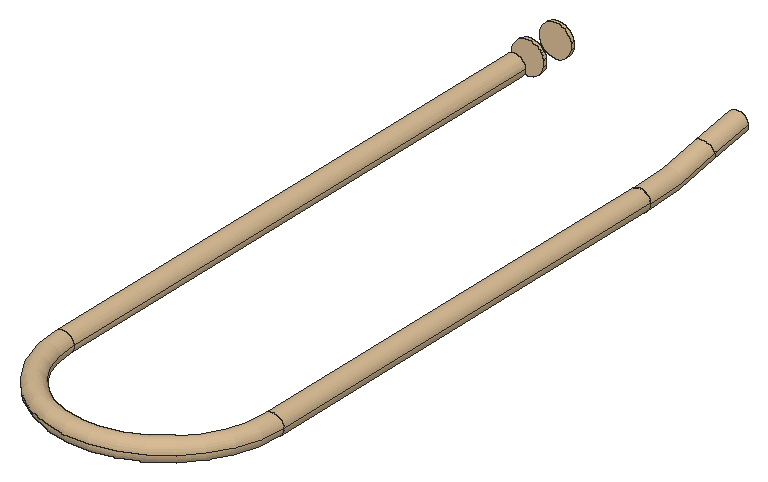
Revit family "Deca_Ducha higiênica com registro e derivação_Wish_1984.WSH.ACT", category Plumbing Fixtures, host Face, Revit 2020
Family settings
  Host = Face
  Round Connector Dimension = Use Radius
  Part Type = Normal
  Cut with Voids When Loaded = No
  Shared = No
  Room Calculation Point = No
Parameters (values of type "1984.GL.WSH.ACT.RD_Red Gold")
  Vazão na Pressão mín. (L/min) = "4"
  Vazão na Pressão máx. (L/min) = "6"
  URL = "www.deca.com.br"
  Tipo de rosca de saída = ""
  Tipo de rosca de entrada = "BSP NBR 8133"
  Tipo de mecanismo utilizado = "MVC -1/4 volta"
  Tipo de dispositivo economizador = "Sim"
  Segmento = "Banheiro Luxo (D43)"
  Saída de Esgoto = ""
  Raio Água Fria Saída = 0.0075 m  # constant formula
  Raio Água Fria = 0.0075 m  # constant formula
  Pressão mín. funcionamento = "2"
  Pressão mín. Aquec. Passagem = ""
  Pressão mín. Aquec. Acúmulo = ""
  Pressão máx. funcionamento = "40"
  Peso Líquido (Kg) = 0.95
  Norma = "NBR14877"
  Model = "1984.GL.WSH.ACT.RD"
  Material Secundário = Deca_Branco
  Material = Deca_Red Gold
  Manufacturer = "DECA"
  Linha = "Deca Wish"
  Itens de Instalação = ""
  Informações Complementares = ""
  Default Elevation = 0.70 m
  Diâmetro Água Fria Saída = 2 * Raio Água Fria Saída  # 0.015 m
  Diâmetro Água Fria = 2 * Raio Água Fria  # 0.015 m
  Código Pai = "1984.WSH.ACT"
  Criado por = "quattroD"
  Cores Componente = ""
  Cor Secundária = "Branco"
  Cor Principal = "Red Gold"
  Cor Interna = ""
  Consumo = "Otimização do jato de água"
  Composição Componente = ""
  Composição Básica = "Liga cobre (bronze e latão);Aço;Plástico de Engenharia;Elastômeros"
  Composição Assento = ""
  Composição Anel Vedação = ""
  Categoria = "Metais para banheiro"
  Atendimento ao Cliente = "0800-0117073"
  Aprovado por = "quattroD"
  Acompanha o Produto = ""
Reference planes (m)
  plane 1 "Center (Front/Back)": y = 0
  plane 2: z = 0
  plane 3 "Center (Left/Right)": x = 0
Forms (m)
  Sweep 1, solid, material "Deca_Red Gold" <- "Material"
    path origin (0, -0.693563, 0.03314) x (0, -1, 0) y (1, 0, 0)
      loop
        line (-0.659743, 0.000001) -> (-0.121412, 0.000001)
        arc (-0.121412, 0.000001) -> (-0.021233, 0.10018) -> (-0.121412, 0.20036) r 0.100179
        line (-0.121412, 0.20036) -> (-0.558206, 0.20036)
    profile origin (0.000001, -0.302985, 0.03314) x (1, 0, 0) y (0, 0, 1)
      loop
        circle (0, 0) r 0.01
  Sweep 2, solid, material "Deca_Red Gold" <- "Material"
    path origin (0.200576, 0.091519, 1.220212) x (0, 1, 0) y (0, 0, 1)
      loop
        arc (-0.227488, -1.187053) -> (-0.188227, -1.185436) -> (-0.149614, -1.178156) r 0.270887
        arc (-0.149614, -1.178156) -> (-0.129905, -1.173846) -> (-0.109895, -1.171272) r 0.231112
    profile origin (0.200576, -0.096708, 0.034776) x (0, -0.113513, 0.993536) y (1, 0, 0)
      loop
        spline (-0.000077, -0.010216) -> (0.002481, -0.009876) -> (0.004864, -0.008877) -> (0.00691, -0.007287) -> (0.008481, -0.005216) -> (0.009468, -0.002805) -> (0.009804, -0.000216) -> (0.009468, 0.002372) -> (0.008481, 0.004784) -> (0.00691, 0.006855) -> (0.004864, 0.008444) -> (0.002481, 0.009443) -> (-0.000077, 0.009784)
        spline (-0.000077, 0.009784) -> (-0.002634, 0.009443) -> (-0.005017, 0.008444) -> (-0.007064, 0.006855) -> (-0.008634, 0.004784) -> (-0.009621, 0.002372) -> (-0.009958, -0.000216) -> (-0.009621, -0.002805) -> (-0.008634, -0.005216) -> (-0.007064, -0.007287) -> (-0.005017, -0.008877) -> (-0.002634, -0.009876) -> (-0.000077, -0.010216)
  Extrusion 3, solid, material "Deca_Red Gold" <- "Material"
    sketch origin (0, -0.015, 0.028953) x (0, 0, 1) y (-1, 0, 0)
      loop
        arc (0.001154, 0.015) -> (-0.011341, 0) -> (0.001154, -0.015) r 0.015251
        line (0.001154, -0.015) -> (0.006666, -0.015)
        arc (0.006666, -0.015) -> (0.019161, 0) -> (0.006666, 0.015) r 0.015251
        line (0.006666, 0.015) -> (0.001154, 0.015)
    from 0 to 0.002991
  Extrusion 4, solid, material "Deca_Red Gold" <- "Material"
    sketch origin (0, 0.017991, 0.028953) x (0, 0, 1) y (-1, 0, 0)
      loop
        arc (0.001154, 0.015) -> (-0.011341, 0) -> (0.001154, -0.015) r 0.015251
        line (0.001154, -0.015) -> (0.006666, -0.015)
        arc (0.006666, -0.015) -> (0.019161, 0) -> (0.006666, 0.015) r 0.015251
        line (0.006666, 0.015) -> (0.001154, 0.015)
    from 0 to 0.002991
Lines and regions (m)
  Masking region 1
    outline origin (-1.329756, -0.915695, 0.027128) x (0, -1, 0) y (1, 0, 0)
      loop
        line (-0.866852, 1.322756) -> (-0.346268, 1.322756)
        arc (-0.346268, 1.322756) -> (-0.239282, 1.429742) -> (-0.346268, 1.536728) r 0.106986
        line (-0.346268, 1.536728) -> (-0.89859, 1.53673) -> (-0.89859, 1.546735) -> (-0.921226, 1.546735)
        arc (-0.921226, 1.546735) -> (-0.921808, 1.546548) -> (-0.922173, 1.546057) r 0.001
        arc (-0.922173, 1.546057) -> (-0.922781, 1.544144) -> (-0.923312, 1.542208) r 0.050752
        arc (-0.923312, 1.542208) -> (-0.92368, 1.542795) -> (-0.92422, 1.543229) r 0.002071
        line (-0.92422, 1.543229) -> (-0.958041, 1.541582) -> (-0.986034, 1.538272)
        arc (-0.986034, 1.538272) -> (-0.98829, 1.54047) -> (-0.991041, 1.542003) r 0.011964
        arc (-0.991041, 1.542003) -> (-0.992856, 1.54253) -> (-0.994738, 1.542707) r 0.010056
        line (-0.994738, 1.542707) -> (-1.007203, 1.542707)
        arc (-1.007203, 1.542707) -> (-1.01292, 1.541124) -> (-1.017477, 1.537324) r 0.014066
        arc (-1.017477, 1.537324) -> (-1.019818, 1.52983) -> (-1.017585, 1.522302) r 0.013479
        arc (-1.017585, 1.522302) -> (-1.012638, 1.518218) -> (-1.006392, 1.516755) r 0.014066
        line (-1.006392, 1.516755) -> (-0.994467, 1.516755)
        arc (-0.994467, 1.516755) -> (-0.992724, 1.516955) -> (-0.991041, 1.517455) r 0.010056
        arc (-0.991041, 1.517455) -> (-0.98829, 1.518989) -> (-0.986034, 1.521186) r 0.011964
        line (-0.986034, 1.521186) -> (-0.958041, 1.517877) -> (-0.924188, 1.516228)
        arc (-0.924188, 1.516228) -> (-0.923664, 1.516661) -> (-0.923308, 1.51724) r 0.002071
        arc (-0.923308, 1.51724) -> (-0.922778, 1.515313) -> (-0.922173, 1.513408) r 0.050752
        arc (-0.922173, 1.513408) -> (-0.921808, 1.512916) -> (-0.921226, 1.512729) r 0.001
        line (-0.921226, 1.512729) -> (-0.89859, 1.512729) -> (-0.89859, 1.522728) -> (-0.346268, 1.522728)
        arc (-0.346268, 1.522728) -> (-0.253293, 1.429753) -> (-0.346268, 1.336778) r 0.092975
        line (-0.346268, 1.336778) -> (-0.866884, 1.336778) -> (-0.867595, 1.337276) -> (-0.883595, 1.337276) -> (-0.883595, 1.340723)
        arc (-0.883595, 1.340723) -> (-0.88415, 1.341268) -> (-0.884784, 1.34172) r 0.004985
        line (-0.884784, 1.34172) -> (-0.890695, 1.34172) -> (-0.890695, 1.354756) -> (-0.908967, 1.354756) -> (-0.908739, 1.359106)
        arc (-0.908739, 1.359106) -> (-0.908947, 1.359771) -> (-0.909539, 1.360139) r 0.001
        arc (-0.909539, 1.360139) -> (-0.915695, 1.360756) -> (-0.92185, 1.360139) r 0.031
        arc (-0.92185, 1.360139) -> (-0.922437, 1.359777) -> (-0.922651, 1.359122) r 0.001
        line (-0.922651, 1.359122) -> (-0.922422, 1.354756) -> (-0.940695, 1.354756) -> (-0.940695, 1.341506) -> (-0.942595, 1.341506) -> (-0.943545, 1.342456) -> (-0.947613, 1.342456) -> (-0.948595, 1.340756) -> (-0.948595, 1.318756) -> (-0.947613, 1.317056) -> (-0.943545, 1.317056) -> (-0.942595, 1.318006) -> (-0.940695, 1.318006) -> (-0.940695, 1.304756) -> (-0.922422, 1.304756) -> (-0.922651, 1.30039)
        arc (-0.922651, 1.30039) -> (-0.922437, 1.299734) -> (-0.92185, 1.299373) r 0.001
        arc (-0.92185, 1.299373) -> (-0.915695, 1.298756) -> (-0.909539, 1.299373) r 0.031
        arc (-0.909539, 1.299373) -> (-0.908947, 1.299741) -> (-0.908739, 1.300405) r 0.001
        line (-0.908739, 1.300405) -> (-0.908967, 1.304756) -> (-0.890695, 1.304756) -> (-0.890695, 1.317791) -> (-0.884766, 1.317791)
        arc (-0.884766, 1.317791) -> (-0.884147, 1.318251) -> (-0.883595, 1.318789) r 0.005787
        line (-0.883595, 1.318789) -> (-0.883595, 1.322236) -> (-0.867595, 1.322236) -> (-0.866852, 1.322756)
  Masking region 2
    outline origin (0, -0.909781, -0.254928) x (0, 1, 0) y (0, 0, 1)
      loop
        line (0.845614, 0.295066) -> (0.306942, 0.295055)
        arc (0.306942, 0.295055) -> (0.272044, 0.293942) -> (0.237201, 0.291678) r 1.05744
        arc (0.237201, 0.291678) -> (0.228679, 0.279227) -> (0.241797, 0.271772) r 0.010251
        arc (0.241797, 0.271772) -> (0.284796, 0.278085) -> (0.328154, 0.281066) r 0.563579
        line (0.328154, 0.281066) -> (0.845614, 0.281066) -> (0.877681, 0.280181) -> (0.877681, 0.276819) -> (0.878852, 0.275844) -> (0.886562, 0.275844) -> (0.888523, 0.277461) -> (0.889781, 0.277461) -> (0.889781, 0.275286) -> (0.891781, 0.275286)
        arc (0.891781, 0.275286) -> (0.893902, 0.274407) -> (0.894781, 0.272286) r 0.003
        line (0.894781, 0.272286) -> (0.894781, 0.265928) -> (0.884973, 0.265928) -> (0.884781, 0.254928) -> (0.934781, 0.254928) -> (0.934589, 0.265928) -> (0.924781, 0.265928) -> (0.924781, 0.272293)
        arc (0.924781, 0.272293) -> (0.925663, 0.27441) -> (0.927781, 0.275286) r 0.003
        line (0.927781, 0.275286) -> (0.929781, 0.275286) -> (0.929781, 0.277461) -> (0.933181, 0.277461) -> (0.933181, 0.275886) -> (0.942681, 0.275886) -> (0.942681, 0.278607) -> (0.949099, 0.280022) -> (0.972458, 0.287003) -> (0.983409, 0.263655) -> (0.985093, 0.262869) -> (0.983983, 0.262349) -> (0.984408, 0.261443) -> (0.986358, 0.25867)
        arc (0.986358, 0.25867) -> (0.986807, 0.258358) -> (0.987352, 0.258406) r 0.0008
        line (0.987352, 0.258406) -> (1.008399, 0.268278)
        arc (1.008399, 0.268278) -> (1.008785, 0.268666) -> (1.008832, 0.269211) r 0.0008
        line (1.008832, 0.269211) -> (1.007947, 0.272484) -> (1.007522, 0.273389) -> (1.006476, 0.272898) -> (1.006949, 0.274695) -> (0.999884, 0.289758)
        arc (0.999884, 0.289758) -> (0.99987, 0.290235) -> (1.000168, 0.29061) r 0.000697
        line (1.000168, 0.29061) -> (1.00268, 0.291786)
        arc (1.00268, 0.291786) -> (1.002938, 0.292068) -> (1.002921, 0.292451) r 0.0005
        line (1.002921, 0.292451) -> (0.999529, 0.299696)
        arc (0.999529, 0.299696) -> (0.999168, 0.299979) -> (0.99871, 0.299946) r 0.000639
        line (0.99871, 0.299946) -> (0.996181, 0.298762)
        arc (0.996181, 0.298762) -> (0.993019, 0.306249) -> (0.988406, 0.312939) r 0.0399
        arc (0.988406, 0.312939) -> (0.987646, 0.313578) -> (0.986718, 0.313934) r 0.003
        arc (0.986718, 0.313934) -> (0.963381, 0.317944) -> (0.939848, 0.320567) r 0.4
        line (0.939848, 0.320567) -> (0.939198, 0.318342)
        arc (0.939198, 0.318342) -> (0.939327, 0.317188) -> (0.940241, 0.316472) r 0.0015
        arc (0.940241, 0.316472) -> (0.951819, 0.31312) -> (0.963282, 0.309423) r 0.4
        arc (0.963282, 0.309423) -> (0.967701, 0.307521) -> (0.971763, 0.304944) r 0.03032
        line (0.971763, 0.304944) -> (0.944982, 0.303372) -> (0.925817, 0.301018)
        arc (0.925817, 0.301018) -> (0.92505, 0.302043) -> (0.924781, 0.303294) r 0.003
        line (0.924781, 0.303294) -> (0.924781, 0.328786) -> (0.916031, 0.328786) -> (0.916031, 0.339415) -> (0.940781, 0.339415) -> (0.940781, 0.349415) -> (0.878781, 0.349415) -> (0.878781, 0.339415) -> (0.903531, 0.339415) -> (0.903531, 0.328786) -> (0.894781, 0.328786) -> (0.894781, 0.303286)
        arc (0.894781, 0.303286) -> (0.893902, 0.301164) -> (0.891781, 0.300286) r 0.003
        line (0.891781, 0.300286) -> (0.889781, 0.300286) -> (0.889781, 0.298111) -> (0.888179, 0.298111) -> (0.886562, 0.299727) -> (0.878852, 0.299727) -> (0.877681, 0.298753) -> (0.877681, 0.295719) -> (0.845614, 0.295066)
  Masking region 3
    outline origin (-0.539528, 0, -0.155627) x (1, 0, 0) y (0, 0, 1)
      loop
        line (0.570528, 0.249863) -> (0.508528, 0.249863) -> (0.508528, 0.240463) -> (0.532278, 0.240418)
        arc (0.532278, 0.240418) -> (0.532985, 0.240125) -> (0.533278, 0.239418) r 0.001
        line (0.533278, 0.239418) -> (0.533278, 0.229485) -> (0.524528, 0.229485) -> (0.524528, 0.166627) -> (0.51472, 0.166627) -> (0.514528, 0.155627) -> (0.564528, 0.155627) -> (0.564336, 0.166627) -> (0.554527, 0.166627) -> (0.554527, 0.171581)
        arc (0.554527, 0.171581) -> (0.636286, 0.170623) -> (0.718049, 0.1702) r 12.515524
        line (0.718049, 0.1702) -> (0.718049, 0.155627) -> (0.752049, 0.155627) -> (0.752049, 0.191512)
        arc (0.752049, 0.191512) -> (0.751006, 0.197217) -> (0.748009, 0.202182) r 0.016108
        arc (0.748009, 0.202182) -> (0.74783, 0.203821) -> (0.746822, 0.205125) r 0.003039
        arc (0.746822, 0.205125) -> (0.746483, 0.205369) -> (0.746138, 0.205603) r 0.01453
        arc (0.746138, 0.205603) -> (0.744786, 0.208015) -> (0.743049, 0.210165) r 0.016432
        line (0.743049, 0.210165) -> (0.743049, 0.222483) -> (0.743049, 0.227043)
        arc (0.743049, 0.227043) -> (0.742269, 0.229339) -> (0.740049, 0.230315) r 0.003011
        line (0.740049, 0.230315) -> (0.730049, 0.230315)
        arc (0.730049, 0.230315) -> (0.728014, 0.229523) -> (0.727049, 0.227565) r 0.003011
        line (0.727049, 0.227565) -> (0.727049, 0.210165)
        arc (0.727049, 0.210165) -> (0.725313, 0.208015) -> (0.723961, 0.205603) r 0.016432
        arc (0.723961, 0.205603) -> (0.723615, 0.205369) -> (0.723276, 0.205125) r 0.01453
        arc (0.723276, 0.205125) -> (0.722272, 0.203831) -> (0.722086, 0.202203) r 0.003039
        arc (0.722086, 0.202203) -> (0.719092, 0.197226) -> (0.718049, 0.191512) r 0.016176
        line (0.718049, 0.191512) -> (0.718049, 0.190201)
        arc (0.718049, 0.190201) -> (0.63629, 0.191103) -> (0.554527, 0.191581) r 15.755697
        line (0.554527, 0.191581) -> (0.554527, 0.229485) -> (0.545778, 0.229485) -> (0.545778, 0.239418)
        arc (0.545778, 0.239418) -> (0.54607, 0.240125) -> (0.546778, 0.240418) r 0.001
        line (0.546778, 0.240418) -> (0.570528, 0.240463) -> (0.570528, 0.249863)
  symbolic lines
    curve 1: line (0.213473, 0.008525, 0.027128) -> (0.211826, 0.042346, 0.027128)
    curve 2: line (0.188121, 0.042346, 0.027128) -> (0.186472, 0.008493, 0.027128)
    curve 3: line (0.191974, 0.074931, 0.027128) -> (0.188121, 0.042346, 0.027128)
    curve 4: line (0.211826, 0.042346, 0.027128) -> (0.207974, 0.074931, 0.027128)
    curve 5: line (0.207974, 0.072233, 0.027128) -> (0.207974, 0.038158, 0.027128)
    curve 6: line (0.207974, 0.038158, 0.027128) -> (0.207896, 0.036387, 0.027128)
    curve 7: line (0.207896, 0.036387, 0.027128) -> (0.207797, 0.03551, 0.027128)
    curve 8: line (0.207797, 0.03551, 0.027128) -> (0.207654, 0.034638, 0.027128)
    curve 9: line (0.191974, 0.037137, 0.027128) -> (0.191974, 0.072233, 0.027128)
    curve 10: line (0.194974, 0.072759, 0.027128) -> (0.194974, 0.03484, 0.027128)
    curve 11: line (0.204974, 0.034841, 0.027128) -> (0.204974, 0.072759, 0.027128)
    curve 12: line (0.193029, 0.078182, 0.027128) -> (0.192682, 0.077213, 0.027128)
    curve 13: line (0.192682, 0.077213, 0.027128) -> (0.19241, 0.076218, 0.027128)
    curve 14: line (0.19241, 0.076218, 0.027128) -> (0.192208, 0.075207, 0.027128)
    curve 15: line (0.192208, 0.075207, 0.027128) -> (0.19203, 0.073725, 0.027128)
    curve 16: line (0.191974, 0.073725, 0.027128) -> (0.191974, 0.084107, 0.027128)
    curve 17: line (0.207974, 0.084107, 0.027128) -> (0.207974, 0.072233, 0.027128)
    curve 18: line (0.207974, 0.072233, 0.027128) -> (0.207974, 0.036972, 0.027128)
    curve 19: line (0.207974, 0.038158, 0.027128) -> (0.207896, 0.036387, 0.027128)
    curve 20: line (0.207896, 0.036387, 0.027128) -> (0.207797, 0.03551, 0.027128)
    curve 21: line (0.207797, 0.03551, 0.027128) -> (0.207654, 0.034638, 0.027128)
    curve 22: arc (0.207974, 0.084107, 0.027128) -> (0.205459, 0.089396, 0.027128) -> (0.199974, 0.091445, 0.027128) r 0.007801
    curve 23: arc (0.191974, 0.084107, 0.027128) -> (0.194488, 0.089396, 0.027128) -> (0.199974, 0.091445, 0.027128) r 0.007801
    curve 24: line (0.199974, 0.091445, 0.027128) -> (0.199974, 0.081982, 0.027128)
    curve 25: arc (0.199974, 0.08367, 0.027128) -> (0.198344, 0.083471, 0.027128) -> (0.196833, 0.082828, 0.027128) r 0.005871
    curve 26: arc (0.196833, 0.082828, 0.027128) -> (0.19453, 0.080834, 0.027128) -> (0.193029, 0.078182, 0.027128) r 0.008943
    curve 27: arc (0.199974, 0.08367, 0.027128) -> (0.201603, 0.083471, 0.027128) -> (0.203114, 0.082828, 0.027128) r 0.005871
    curve 28: arc (0.203114, 0.082828, 0.027128) -> (0.205417, 0.080834, 0.027128) -> (0.206918, 0.078182, 0.027128) r 0.008943
    curve 29: line (0.206918, 0.078182, 0.027128) -> (0.207265, 0.077213, 0.027128)
    curve 30: line (0.207265, 0.077213, 0.027128) -> (0.207537, 0.076218, 0.027128)
    curve 31: line (0.207537, 0.076218, 0.027128) -> (0.207739, 0.075207, 0.027128)
    curve 32: line (0.207739, 0.075207, 0.027128) -> (0.207917, 0.073725, 0.027128)
    curve 33: arc (0.199974, 0.081982, 0.027128) -> (0.198524, 0.081636, 0.027128) -> (0.197327, 0.080748, 0.027128) r 0.003706
    curve 34: arc (0.197327, 0.080748, 0.027128) -> (0.196142, 0.079017, 0.027128) -> (0.195439, 0.077041, 0.027128) r 0.008141
    curve 35: arc (0.195439, 0.077041, 0.027128) -> (0.19509, 0.074913, 0.027128) -> (0.194974, 0.072759, 0.027128) r 0.01994
    curve 36: arc (0.199974, 0.081982, 0.027128) -> (0.201423, 0.081636, 0.027128) -> (0.20262, 0.080748, 0.027128) r 0.003706
    curve 37: arc (0.20262, 0.080748, 0.027128) -> (0.203805, 0.079017, 0.027128) -> (0.204508, 0.077041, 0.027128) r 0.008141
    curve 38: arc (0.204508, 0.077041, 0.027128) -> (0.204857, 0.074913, 0.027128) -> (0.204974, 0.072759, 0.027128) r 0.01994
    curve 39: arc (0.194974, 0.072759, 0.027128) -> (0.193445, 0.072661, 0.027128) -> (0.191974, 0.072233, 0.027128) r 0.006996
    curve 40: arc (0.204974, 0.072759, 0.027128) -> (0.206502, 0.072661, 0.027128) -> (0.207974, 0.072233, 0.027128) r 0.006996
    curve 41: arc (0.195774, 0.090352, 0.027128) -> (0.192313, 0.088733, 0.027128) -> (0.189515, 0.08613, 0.027128) r 0.01231
    curve 42: arc (0.189515, 0.08613, 0.027128) -> (0.187923, 0.083435, 0.027128) -> (0.18709, 0.080418, 0.027128) r 0.011879
    curve 43: arc (0.18709, 0.080418, 0.027128) -> (0.187068, 0.077843, 0.027128) -> (0.1877, 0.075347, 0.027128) r 0.010056
    curve 44: arc (0.1877, 0.075347, 0.027128) -> (0.189233, 0.072595, 0.027128) -> (0.191431, 0.07034, 0.027128) r 0.011964
    curve 45: arc (0.204173, 0.090352, 0.027128) -> (0.207634, 0.088733, 0.027128) -> (0.210432, 0.08613, 0.027128) r 0.01231
    curve 46: arc (0.210432, 0.08613, 0.027128) -> (0.212024, 0.083435, 0.027128) -> (0.212857, 0.080418, 0.027128) r 0.011879
    curve 47: arc (0.212857, 0.080418, 0.027128) -> (0.212879, 0.077843, 0.027128) -> (0.212247, 0.075347, 0.027128) r 0.010056
    curve 48: arc (0.212247, 0.075347, 0.027128) -> (0.210714, 0.072595, 0.027128) -> (0.208516, 0.07034, 0.027128) r 0.011964
    curve 49: arc (0.199974, 0.102149, 0.027128) -> (0.195658, 0.101427, 0.027128) -> (0.191742, 0.099474, 0.027128) r 0.014792
    curve 50: arc (0.191742, 0.099474, 0.027128) -> (0.188327, 0.095647, 0.027128) -> (0.186978, 0.090698, 0.027128) r 0.011191
    curve 51: arc (0.199974, 0.102149, 0.027128) -> (0.204289, 0.101427, 0.027128) -> (0.208205, 0.099474, 0.027128) r 0.014792
    curve 52: arc (0.208205, 0.099474, 0.027128) -> (0.211536, 0.095798, 0.027128) -> (0.212951, 0.091043, 0.027128) r 0.011191
    curve 53: arc (0.192973, -0.00285, 0.027128) -> (0.199977, -0.003272, 0.027128) -> (0.20698, -0.002849, 0.027128) r 0.05825
    curve 54: arc (0.192973, -0.004534, 0.027128) -> (0.199976, -0.004972, 0.027128) -> (0.20698, -0.004534, 0.027128) r 0.056151
    curve 55: line (0.192973, 0.004655, 0.027128) -> (0.192973, -0.017105, 0.027128)
    curve 56: line (0.192973, -0.017105, 0.027128) -> (0.182974, -0.017105, 0.027128)
    curve 57: line (0.182974, -0.017105, 0.027128) -> (0.182974, 0.005531, 0.027128)
    curve 58: arc (0.192973, 0.004655, 0.027128) -> (0.19273, 0.00531, 0.027128) -> (0.192118, 0.005645, 0.027128) r 0.001
    curve 59: arc (0.187487, 0.007614, 0.027128) -> (0.185558, 0.007084, 0.027128) -> (0.183652, 0.006478, 0.027128) r 0.050752
    curve 60: arc (0.182974, 0.005531, 0.027128) -> (0.183161, 0.006114, 0.027128) -> (0.183652, 0.006478, 0.027128) r 0.001
    curve 61: arc (0.192118, 0.005645, 0.027128) -> (0.190193, 0.006024, 0.027128) -> (0.188315, 0.006593, 0.027128) r 0.019731
    curve 62: arc (0.188315, 0.006593, 0.027128) -> (0.187797, 0.00702, 0.027128) -> (0.187487, 0.007614, 0.027128) r 0.001681
    curve 63: line (0.20698, 0.004655, 0.027128) -> (0.20698, -0.017105, 0.027128)
    curve 64: line (0.20698, -0.017105, 0.027128) -> (0.216979, -0.017105, 0.027128)
    curve 65: line (0.216979, -0.017105, 0.027128) -> (0.216979, 0.005531, 0.027128)
    curve 66: arc (0.20698, 0.004655, 0.027128) -> (0.207223, 0.00531, 0.027128) -> (0.207835, 0.005645, 0.027128) r 0.001
    curve 67: arc (0.212466, 0.007614, 0.027128) -> (0.214395, 0.007084, 0.027128) -> (0.216301, 0.006478, 0.027128) r 0.050752
    curve 68: arc (0.216979, 0.005531, 0.027128) -> (0.216792, 0.006114, 0.027128) -> (0.216301, 0.006478, 0.027128) r 0.001
    curve 69: arc (0.207835, 0.005645, 0.027128) -> (0.20976, 0.006024, 0.027128) -> (0.211638, 0.006593, 0.027128) r 0.019731
    curve 70: arc (0.211638, 0.006593, 0.027128) -> (0.212156, 0.00702, 0.027128) -> (0.212466, 0.007614, 0.027128) r 0.001681
    curve 71: line (0.192136, 0.034443, 0.027128) -> (0.207816, 0.034443, 0.027128)
    curve 72: arc (0.192136, 0.034443, 0.027128) -> (0.192031, 0.035788, 0.027128) -> (0.191974, 0.037137, 0.027128) r 0.038017
    curve 73: arc (0.207816, 0.034443, 0.027128) -> (0.207916, 0.035706, 0.027128) -> (0.207974, 0.036972, 0.027128) r 0.038017
    curve 74: arc (0.213473, 0.008525, 0.027128) -> (0.212939, 0.007901, 0.027128) -> (0.212203, 0.007533, 0.027128) r 0.002071
    curve 75: arc (0.212203, 0.007533, 0.027128) -> (0.199963, 0.006166, 0.027128) -> (0.187724, 0.007533, 0.027128) r 0.055458
    curve 76: arc (0.186472, 0.008493, 0.027128) -> (0.187003, 0.007889, 0.027128) -> (0.187724, 0.007533, 0.027128) r 0.002071
    curve 77: arc (0.191974, 0.040785, 0.027128) -> (0.190355, 0.041082, 0.027128) -> (0.1888, 0.041616, 0.027128) r 0.011039
    curve 78: arc (0.1888, 0.041616, 0.027128) -> (0.18838, 0.0419, 0.027128) -> (0.188096, 0.04232, 0.027128) r 0.001341
    curve 79: arc (0.207974, 0.040784, 0.027128) -> (0.209594, 0.041082, 0.027128) -> (0.211152, 0.041616, 0.027128) r 0.011039
    curve 80: arc (0.211152, 0.041616, 0.027128) -> (0.211571, 0.0419, 0.027128) -> (0.211855, 0.04232, 0.027128) r 0.001341
    curve 81: arc (0.192136, 0.034443, 0.027128) -> (0.199976, 0.035111, 0.027128) -> (0.207816, 0.034443, 0.027128) r 0.046313
    curve 82: line (-0.01, -0.048405, 0.027128) -> (0.01, -0.048405, 0.027128)
    curve 83: line (-0.007, -0.0481, 0.027128) -> (-0.007, -0.569427, 0.027128)
    curve 84: line (0.007023, -0.0481, 0.027128) -> (0.007023, -0.569427, 0.027128)
    curve 85: line (-0.01, -0.055905, 0.027128) -> (0.01, -0.055905, 0.027128)
    curve 86: line (-0.01, -0.063405, 0.027128) -> (0.01, -0.063405, 0.027128)
    curve 87: line (-0.01, -0.070905, 0.027128) -> (0.01, -0.070905, 0.027128)
    curve 88: line (-0.01, -0.078405, 0.027128) -> (0.01, -0.078405, 0.027128)
    curve 89: line (-0.01, -0.085905, 0.027128) -> (0.01, -0.085905, 0.027128)
    curve 90: line (-0.01, -0.093405, 0.027128) -> (0.01, -0.093405, 0.027128)
    curve 91: line (-0.01, -0.100905, 0.027128) -> (0.01, -0.100905, 0.027128)
    curve 92: line (-0.01, -0.108405, 0.027128) -> (0.01, -0.108405, 0.027128)
    curve 93: line (-0.01, -0.115905, 0.027128) -> (0.01, -0.115905, 0.027128)
    curve 94: line (-0.01, -0.123405, 0.027128) -> (0.01, -0.123405, 0.027128)
    curve 95: line (-0.01, -0.130905, 0.027128) -> (0.01, -0.130905, 0.027128)
    curve 96: line (-0.01, -0.138405, 0.027128) -> (0.01, -0.138405, 0.027128)
    curve 97: line (-0.01, -0.145905, 0.027128) -> (0.01, -0.145905, 0.027128)
    curve 98: line (-0.01, -0.153405, 0.027128) -> (0.01, -0.153405, 0.027128)
    curve 99: line (-0.01, -0.160905, 0.027128) -> (0.01, -0.160905, 0.027128)
    curve 100: line (-0.01, -0.168405, 0.027128) -> (0.01, -0.168405, 0.027128)
    curve 101: line (-0.01, -0.175905, 0.027128) -> (0.01, -0.175905, 0.027128)
    curve 102: line (-0.01, -0.183405, 0.027128) -> (0.01, -0.183405, 0.027128)
    curve 103: line (-0.01, -0.190905, 0.027128) -> (0.01, -0.190905, 0.027128)
    curve 104: line (-0.01, -0.198405, 0.027128) -> (0.01, -0.198405, 0.027128)
    curve 105: line (-0.01, -0.205905, 0.027128) -> (0.01, -0.205905, 0.027128)
    curve 106: line (-0.01, -0.213405, 0.027128) -> (0.01, -0.213405, 0.027128)
    curve 107: line (-0.01, -0.220905, 0.027128) -> (0.01, -0.220905, 0.027128)
    curve 108: line (-0.01, -0.228405, 0.027128) -> (0.01, -0.228405, 0.027128)
    curve 109: line (-0.01, -0.235905, 0.027128) -> (0.01, -0.235905, 0.027128)
    curve 110: line (-0.01, -0.243405, 0.027128) -> (0.01, -0.243405, 0.027128)
    curve 111: line (-0.01, -0.250905, 0.027128) -> (0.01, -0.250905, 0.027128)
    curve 112: line (-0.01, -0.258405, 0.027128) -> (0.01, -0.258405, 0.027128)
    curve 113: line (-0.01, -0.265905, 0.027128) -> (0.01, -0.265905, 0.027128)
    curve 114: line (-0.01, -0.273405, 0.027128) -> (0.01, -0.273405, 0.027128)
    curve 115: line (-0.01, -0.280905, 0.027128) -> (0.01, -0.280905, 0.027128)
    curve 116: line (-0.01, -0.288405, 0.027128) -> (0.01, -0.288405, 0.027128)
    curve 117: line (-0.01, -0.295905, 0.027128) -> (0.01, -0.295905, 0.027128)
    curve 118: line (-0.01, -0.303405, 0.027128) -> (0.01, -0.303405, 0.027128)
    curve 119: line (-0.01, -0.310905, 0.027128) -> (0.01, -0.310905, 0.027128)
    curve 120: line (-0.01, -0.318405, 0.027128) -> (0.01, -0.318405, 0.027128)
    curve 121: line (-0.01, -0.325905, 0.027128) -> (0.01, -0.325905, 0.027128)
    curve 122: line (-0.01, -0.333405, 0.027128) -> (0.01, -0.333405, 0.027128)
    curve 123: line (-0.01, -0.340905, 0.027128) -> (0.01, -0.340905, 0.027128)
    curve 124: line (-0.01, -0.348405, 0.027128) -> (0.01, -0.348405, 0.027128)
    curve 125: line (-0.01, -0.355905, 0.027128) -> (0.01, -0.355905, 0.027128)
    curve 126: line (-0.01, -0.363405, 0.027128) -> (0.01, -0.363405, 0.027128)
    curve 127: line (-0.01, -0.370905, 0.027128) -> (0.01, -0.370905, 0.027128)
    curve 128: line (-0.01, -0.378405, 0.027128) -> (0.01, -0.378405, 0.027128)
    curve 129: line (-0.01, -0.385905, 0.027128) -> (0.01, -0.385905, 0.027128)
    curve 130: line (-0.01, -0.393405, 0.027128) -> (0.01, -0.393405, 0.027128)
    curve 131: line (-0.01, -0.400905, 0.027128) -> (0.01, -0.400905, 0.027128)
    curve 132: line (-0.01, -0.408405, 0.027128) -> (0.01, -0.408405, 0.027128)
    curve 133: line (-0.01, -0.415905, 0.027128) -> (0.01, -0.415905, 0.027128)
    curve 134: line (-0.01, -0.423405, 0.027128) -> (0.01, -0.423405, 0.027128)
    curve 135: line (-0.01, -0.430905, 0.027128) -> (0.01, -0.430905, 0.027128)
    curve 136: line (-0.01, -0.438405, 0.027128) -> (0.01, -0.438405, 0.027128)
    curve 137: line (-0.01, -0.445905, 0.027128) -> (0.01, -0.445905, 0.027128)
    curve 138: line (-0.01, -0.453405, 0.027128) -> (0.01, -0.453405, 0.027128)
    curve 139: line (-0.01, -0.460905, 0.027128) -> (0.01, -0.460905, 0.027128)
    curve 140: line (-0.01, -0.468405, 0.027128) -> (0.01, -0.468405, 0.027128)
    curve 141: line (-0.01, -0.475905, 0.027128) -> (0.01, -0.475905, 0.027128)
    curve 142: line (-0.01, -0.483405, 0.027128) -> (0.01, -0.483405, 0.027128)
    curve 143: line (-0.01, -0.490905, 0.027128) -> (0.01, -0.490905, 0.027128)
    curve 144: line (-0.01, -0.498405, 0.027128) -> (0.01, -0.498405, 0.027128)
    curve 145: line (-0.01, -0.505905, 0.027128) -> (0.01, -0.505905, 0.027128)
    curve 146: line (-0.01, -0.513405, 0.027128) -> (0.01, -0.513405, 0.027128)
    curve 147: line (-0.01, -0.520905, 0.027128) -> (0.01, -0.520905, 0.027128)
    curve 148: line (-0.01, -0.528405, 0.027128) -> (0.01, -0.528405, 0.027128)
    curve 149: line (-0.01, -0.535905, 0.027128) -> (0.01, -0.535905, 0.027128)
    curve 150: line (-0.01, -0.543405, 0.027128) -> (0.01, -0.543405, 0.027128)
    curve 151: line (-0.01, -0.550905, 0.027128) -> (0.01, -0.550905, 0.027128)
    curve 152: line (-0.01, -0.558405, 0.027128) -> (0.01, -0.558405, 0.027128)
    curve 153: line (-0.01, -0.565905, 0.027128) -> (0.01, -0.565905, 0.027128)
    curve 154: line (-0.01, -0.573405, 0.027128) -> (0.01, -0.573405, 0.027128)
    curve 155: line (0.189974, -0.045583, 0.027128) -> (0.209974, -0.045583, 0.027128)
    curve 156: line (0.189974, -0.053083, 0.027128) -> (0.209974, -0.053083, 0.027128)
    curve 157: line (0.189974, -0.060583, 0.027128) -> (0.209974, -0.060583, 0.027128)
    curve 158: line (0.189974, -0.068083, 0.027128) -> (0.209974, -0.068083, 0.027128)
    curve 159: line (0.189974, -0.075583, 0.027128) -> (0.209974, -0.075583, 0.027128)
    curve 160: line (0.189974, -0.083083, 0.027128) -> (0.209974, -0.083083, 0.027128)
    curve 161: line (0.189974, -0.090583, 0.027128) -> (0.209974, -0.090583, 0.027128)
    curve 162: line (0.189974, -0.098083, 0.027128) -> (0.209974, -0.098083, 0.027128)
    curve 163: line (0.189974, -0.105583, 0.027128) -> (0.209974, -0.105583, 0.027128)
    curve 164: line (0.189974, -0.113083, 0.027128) -> (0.209974, -0.113083, 0.027128)
    curve 165: line (0.189974, -0.120583, 0.027128) -> (0.209974, -0.120583, 0.027128)
    curve 166: line (0.189974, -0.128083, 0.027128) -> (0.209974, -0.128083, 0.027128)
    curve 167: line (0.189974, -0.135583, 0.027128) -> (0.209974, -0.135583, 0.027128)
    curve 168: line (0.189974, -0.143083, 0.027128) -> (0.209974, -0.143083, 0.027128)
    curve 169: line (0.189974, -0.150583, 0.027128) -> (0.209974, -0.150583, 0.027128)
    curve 170: line (0.189974, -0.158083, 0.027128) -> (0.209974, -0.158083, 0.027128)
    curve 171: line (0.189974, -0.165583, 0.027128) -> (0.209974, -0.165583, 0.027128)
    curve 172: line (0.189974, -0.173083, 0.027128) -> (0.209974, -0.173083, 0.027128)
    curve 173: line (0.189974, -0.180583, 0.027128) -> (0.209974, -0.180583, 0.027128)
    curve 174: line (0.189974, -0.188083, 0.027128) -> (0.209974, -0.188083, 0.027128)
    curve 175: line (0.189974, -0.195583, 0.027128) -> (0.209974, -0.195583, 0.027128)
    curve 176: line (0.189974, -0.203083, 0.027128) -> (0.209974, -0.203083, 0.027128)
    curve 177: line (0.189974, -0.210583, 0.027128) -> (0.209974, -0.210583, 0.027128)
    curve 178: line (0.189974, -0.218083, 0.027128) -> (0.209974, -0.218083, 0.027128)
    curve 179: line (0.189974, -0.225583, 0.027128) -> (0.209974, -0.225583, 0.027128)
    curve 180: line (0.189974, -0.233083, 0.027128) -> (0.209974, -0.233083, 0.027128)
    curve 181: line (0.189974, -0.240583, 0.027128) -> (0.209974, -0.240583, 0.027128)
    curve 182: line (0.189974, -0.248083, 0.027128) -> (0.209974, -0.248083, 0.027128)
    curve 183: line (0.189974, -0.255583, 0.027128) -> (0.209974, -0.255583, 0.027128)
    curve 184: line (0.189974, -0.263083, 0.027128) -> (0.209974, -0.263083, 0.027128)
    curve 185: line (0.189974, -0.270583, 0.027128) -> (0.209974, -0.270583, 0.027128)
    curve 186: line (0.189974, -0.278083, 0.027128) -> (0.209974, -0.278083, 0.027128)
    curve 187: line (0.189974, -0.285583, 0.027128) -> (0.209974, -0.285583, 0.027128)
    curve 188: line (0.189974, -0.293083, 0.027128) -> (0.209974, -0.293083, 0.027128)
    curve 189: line (0.189974, -0.300583, 0.027128) -> (0.209974, -0.300583, 0.027128)
    curve 190: line (0.189974, -0.308083, 0.027128) -> (0.209974, -0.308083, 0.027128)
    curve 191: line (0.189974, -0.315583, 0.027128) -> (0.209974, -0.315583, 0.027128)
    curve 192: line (0.189974, -0.323083, 0.027128) -> (0.209974, -0.323083, 0.027128)
    curve 193: line (0.189974, -0.330583, 0.027128) -> (0.209974, -0.330583, 0.027128)
    curve 194: line (0.189974, -0.338083, 0.027128) -> (0.209974, -0.338083, 0.027128)
    curve 195: line (0.189974, -0.345583, 0.027128) -> (0.209974, -0.345583, 0.027128)
    curve 196: line (0.189974, -0.353083, 0.027128) -> (0.209974, -0.353083, 0.027128)
    curve 197: line (0.189974, -0.360583, 0.027128) -> (0.209974, -0.360583, 0.027128)
    curve 198: line (0.189974, -0.368083, 0.027128) -> (0.209974, -0.368083, 0.027128)
    curve 199: line (0.189974, -0.375583, 0.027128) -> (0.209974, -0.375583, 0.027128)
    curve 200: line (0.189974, -0.383083, 0.027128) -> (0.209974, -0.383083, 0.027128)
    curve 201: line (0.189974, -0.390583, 0.027128) -> (0.209974, -0.390583, 0.027128)
    curve 202: line (0.189974, -0.398083, 0.027128) -> (0.209974, -0.398083, 0.027128)
    curve 203: line (0.189974, -0.405583, 0.027128) -> (0.209974, -0.405583, 0.027128)
    curve 204: line (0.189974, -0.413083, 0.027128) -> (0.209974, -0.413083, 0.027128)
    curve 205: line (0.189974, -0.420583, 0.027128) -> (0.209974, -0.420583, 0.027128)
    curve 206: line (0.189974, -0.428083, 0.027128) -> (0.209974, -0.428083, 0.027128)
    curve 207: line (0.189974, -0.435583, 0.027128) -> (0.209974, -0.435583, 0.027128)
    curve 208: line (0.189974, -0.443083, 0.027128) -> (0.209974, -0.443083, 0.027128)
    curve 209: line (0.189974, -0.450583, 0.027128) -> (0.209974, -0.450583, 0.027128)
    curve 210: line (0.189974, -0.458083, 0.027128) -> (0.209974, -0.458083, 0.027128)
    curve 211: line (0.189974, -0.465583, 0.027128) -> (0.209974, -0.465583, 0.027128)
    curve 212: line (0.189974, -0.473083, 0.027128) -> (0.209974, -0.473083, 0.027128)
    curve 213: line (0.189974, -0.480583, 0.027128) -> (0.209974, -0.480583, 0.027128)
    curve 214: line (0.189974, -0.488083, 0.027128) -> (0.209974, -0.488083, 0.027128)
    curve 215: line (0.189974, -0.495583, 0.027128) -> (0.209974, -0.495583, 0.027128)
    curve 216: line (0.189974, -0.503083, 0.027128) -> (0.209974, -0.503083, 0.027128)
    curve 217: line (0.189974, -0.510583, 0.027128) -> (0.209974, -0.510583, 0.027128)
    curve 218: line (0.189974, -0.518083, 0.027128) -> (0.209974, -0.518083, 0.027128)
    curve 219: line (0.189974, -0.525583, 0.027128) -> (0.209974, -0.525583, 0.027128)
    curve 220: line (0.189974, -0.533083, 0.027128) -> (0.209974, -0.533083, 0.027128)
    curve 221: line (0.189974, -0.540583, 0.027128) -> (0.209974, -0.540583, 0.027128)
    curve 222: line (0.189974, -0.548083, 0.027128) -> (0.209974, -0.548083, 0.027128)
    curve 223: line (0.189974, -0.555583, 0.027128) -> (0.209974, -0.555583, 0.027128)
    curve 224: line (0.189974, -0.563083, 0.027128) -> (0.209974, -0.563083, 0.027128)
    curve 225: line (0.189974, -0.568083, 0.027128) -> (0.209974, -0.568083, 0.027128)
    curve 226: line (0.189889, -0.573296, 0.027128) -> (0.209841, -0.574691, 0.027128)
    curve 227: line (0.189442, -0.579687, 0.027128) -> (0.209248, -0.58247, 0.027128)
    curve 228: line (0.188367, -0.586033, 0.027128) -> (0.20793, -0.590191, 0.027128)
    curve 229: line (0.187037, -0.592292, 0.027128) -> (0.206309, -0.597818, 0.027128)
    curve 230: line (0.185097, -0.598323, 0.027128) -> (0.203891, -0.605164, 0.027128)
    curve 231: line (0.182815, -0.604289, 0.027128) -> (0.200943, -0.612742, 0.027128)
    curve 232: line (0.180092, -0.610128, 0.027128) -> (0.197629, -0.619848, 0.027128)
    curve 233: line (0.177042, -0.61563, 0.027128) -> (0.193899, -0.626577, 0.027128)
    curve 234: line (0.173599, -0.620932, 0.027128) -> (0.189573, -0.632969, 0.027128)
    curve 235: line (0.169803, -0.62597, 0.027128) -> (0.184935, -0.639124, 0.027128)
    curve 236: line (0.165666, -0.630728, 0.027128) -> (0.179879, -0.64494, 0.027128)
    curve 237: line (0.161212, -0.635182, 0.027128) -> (0.174431, -0.650388, 0.027128)
    curve 238: line (0.156463, -0.639311, 0.027128) -> (0.168351, -0.655673, 0.027128)
    curve 239: line (0.151018, -0.643267, 0.027128) -> (0.162334, -0.660044, 0.027128)
    curve 240: line (0.145639, -0.646895, 0.027128) -> (0.155639, -0.664215, 0.027128)
    curve 241: line (0.14009, -0.64984, 0.027128) -> (0.148977, -0.668061, 0.027128)
    curve 242: line (0.1343, -0.652482, 0.027128) -> (0.141793, -0.671027, 0.027128)
    curve 243: line (0.12834, -0.654706, 0.027128) -> (0.13452, -0.673727, 0.027128)
    curve 244: line (0.122238, -0.656503, 0.027128) -> (0.127077, -0.675909, 0.027128)
    curve 245: line (0.116025, -0.657862, 0.027128) -> (0.119195, -0.677874, 0.027128)
    curve 246: line (0.109854, -0.658839, 0.027128) -> (0.111598, -0.678763, 0.027128)
    curve 247: line (0.103295, -0.659413, 0.027128) -> (0.104072, -0.679422, 0.027128)
    curve 248: line (0.097033, -0.65926, 0.027128) -> (0.095987, -0.679233, 0.027128)
    curve 249: line (0.09069, -0.658825, 0.027128) -> (0.088234, -0.678826, 0.027128)
    curve 250: line (0.084679, -0.658087, 0.027128) -> (0.080473, -0.677873, 0.027128)
    curve 251: line (0.078169, -0.656703, 0.027128) -> (0.072926, -0.676269, 0.027128)
    curve 252: line (0.072062, -0.654848, 0.027128) -> (0.065551, -0.673758, 0.027128)
    curve 253: line (0.066098, -0.652794, 0.027128) -> (0.057933, -0.671135, 0.027128)
    curve 254: line (0.060438, -0.650274, 0.027128) -> (0.05099, -0.668044, 0.027128)
    curve 255: line (0.054722, -0.647235, 0.027128) -> (0.044209, -0.66406, 0.027128)
    curve 256: line (0.049303, -0.643614, 0.027128) -> (0.037496, -0.659866, 0.027128)
    curve 257: line (0.044291, -0.639972, 0.027128) -> (0.031347, -0.655399, 0.027128)
    curve 258: line (0.039247, -0.63574, 0.027128) -> (0.024953, -0.650033, 0.027128)
    curve 259: line (0.034784, -0.631227, 0.027128) -> (0.019921, -0.644609, 0.027128)
    curve 260: line (0.030564, -0.626445, 0.027128) -> (0.01495, -0.639089, 0.027128)
    curve 261: line (0.02669, -0.621376, 0.027128) -> (0.009821, -0.632755, 0.027128)
    curve 262: line (0.023194, -0.616193, 0.027128) -> (0.005809, -0.625952, 0.027128)
    curve 263: line (0.019992, -0.610488, 0.027128) -> (0.002175, -0.619477, 0.027128)
    curve 264: line (0.017335, -0.604702, 0.027128) -> (-0.001566, -0.612062, 0.027128)
    curve 265: line (0.015059, -0.598856, 0.027128) -> (-0.004067, -0.604704, 0.027128)
    curve 266: line (0.01304, -0.592253, 0.027128) -> (-0.006291, -0.597432, 0.027128)
    curve 267: line (0.011684, -0.586421, 0.027128) -> (-0.008013, -0.589894, 0.027128)
    curve 268: line (0.01058, -0.580159, 0.027128) -> (-0.00936, -0.582255, 0.027128)
    curve 269: arc (0.007023, -0.569427, 0.027128) -> (0.099997, -0.662402, 0.027128) -> (0.192972, -0.569427, 0.027128) r 0.092975
    curve 270: arc (-0.007, -0.569427, 0.027128) -> (0.099986, -0.676413, 0.027128) -> (0.206972, -0.569427, 0.027128) r 0.106986
    curve 271: line (0.192972, -0.569427, 0.027128) -> (0.192972, -0.017109, 0.027128)
    curve 272: line (0.206974, -0.569427, 0.027128) -> (0.206974, -0.017109, 0.027128)
    curve 273: line (0.189974, -0.038083, 0.027128) -> (0.209974, -0.038083, 0.027128)
    curve 274: line (0.189974, -0.030583, 0.027128) -> (0.209974, -0.030583, 0.027128)
    curve 275: line (0.189974, -0.023083, 0.027128) -> (0.209974, -0.023083, 0.027128)
    curve 276: line (0.192973, -0.015583, 0.027128) -> (0.20698, -0.015583, 0.027128)
    curve 277: line (0.186978, 0.090698, 0.027128) -> (0.186978, 0.078916, 0.027128)
    curve 278: line (0.212951, 0.079043, 0.027128) -> (0.212951, 0.091043, 0.027128)
    curve 279: arc (0.194474, 0.096723, 0.027128) -> (0.199974, 0.098173, 0.027128) -> (0.205474, 0.096723, 0.027128) r 0.011158
    curve 280: line (0.194474, 0.096723, 0.027128) -> (0.194474, 0.089895, 0.027128)
    curve 281: line (0.205474, 0.096723, 0.027128) -> (0.205474, 0.089895, 0.027128)
    curve 282: arc (0.194474, 0.093518, 0.027128) -> (0.199974, 0.094686, 0.027128) -> (0.205474, 0.093518, 0.027128) r 0.013538
    curve 283: arc (0.194474, 0.092835, 0.027128) -> (0.199974, 0.094032, 0.027128) -> (0.205474, 0.092835, 0.027128) r 0.013233
    curve 284: arc (0.186978, 0.090698, 0.027128) -> (0.188402, 0.096864, 0.027128) -> (0.192384, 0.101782, 0.027128) r 0.014066
    curve 285: arc (0.192384, 0.101782, 0.027128) -> (0.199976, 0.104123, 0.027128) -> (0.207569, 0.101782, 0.027128) r 0.013479
    curve 286: arc (0.212951, 0.091508, 0.027128) -> (0.211368, 0.097226, 0.027128) -> (0.207569, 0.101782, 0.027128) r 0.014066
    curve 287: line (0, -0.581627, 0.040138) -> (0, -0.064167, 0.040138)
    curve 288: arc (0, -0.581627, 0.040138) -> (0, -0.608751, 0.039665) -> (0, -0.635842, 0.038245) r 0.777201
    curve 289: line (0, -0.581627, 0.026138) -> (0, -0.064167, 0.026138)
    curve 290: line (0, -0.068599, 0.043138) -> (0, -0.068599, 0.023138)
    curve 291: line (0, -0.076099, 0.043138) -> (0, -0.076099, 0.023138)
    curve 292: line (0, -0.083599, 0.043138) -> (0, -0.083599, 0.023138)
    curve 293: line (0, -0.091099, 0.043138) -> (0, -0.091099, 0.023138)
    curve 294: line (0, -0.098599, 0.043138) -> (0, -0.098599, 0.023138)
    curve 295: line (0, -0.106099, 0.043138) -> (0, -0.106099, 0.023138)
    curve 296: line (0, -0.113599, 0.043138) -> (0, -0.113599, 0.023138)
    curve 297: line (0, -0.121099, 0.043138) -> (0, -0.121099, 0.023138)
    curve 298: line (0, -0.128599, 0.043138) -> (0, -0.128599, 0.023138)
    curve 299: line (0, -0.136099, 0.043138) -> (0, -0.136099, 0.023138)
    curve 300: line (0, -0.143599, 0.043138) -> (0, -0.143599, 0.023138)
    curve 301: line (0, -0.151099, 0.043138) -> (0, -0.151099, 0.023138)
    curve 302: line (0, -0.158599, 0.043138) -> (0, -0.158599, 0.023138)
    curve 303: line (0, -0.166099, 0.043138) -> (0, -0.166099, 0.023138)
    curve 304: line (0, -0.173599, 0.043138) -> (0, -0.173599, 0.023138)
    curve 305: line (0, -0.181099, 0.043138) -> (0, -0.181099, 0.023138)
    curve 306: line (0, -0.188599, 0.043138) -> (0, -0.188599, 0.023138)
    curve 307: line (0, -0.196099, 0.043138) -> (0, -0.196099, 0.023138)
    curve 308: line (0, -0.203599, 0.043138) -> (0, -0.203599, 0.023138)
    curve 309: line (0, -0.211099, 0.043138) -> (0, -0.211099, 0.023138)
    curve 310: line (0, -0.218599, 0.043138) -> (0, -0.218599, 0.023138)
    curve 311: line (0, -0.226099, 0.043138) -> (0, -0.226099, 0.023138)
    curve 312: line (0, -0.233599, 0.043138) -> (0, -0.233599, 0.023138)
    curve 313: line (0, -0.241099, 0.043138) -> (0, -0.241099, 0.023138)
    curve 314: line (0, -0.248599, 0.043138) -> (0, -0.248599, 0.023138)
    curve 315: line (0, -0.256099, 0.043138) -> (0, -0.256099, 0.023138)
    curve 316: line (0, -0.263599, 0.043138) -> (0, -0.263599, 0.023138)
    curve 317: line (0, -0.271099, 0.043138) -> (0, -0.271099, 0.023138)
    curve 318: line (0, -0.278599, 0.043138) -> (0, -0.278599, 0.023138)
    curve 319: line (0, -0.286099, 0.043138) -> (0, -0.286099, 0.023138)
    curve 320: line (0, -0.293599, 0.043138) -> (0, -0.293599, 0.023138)
    curve 321: line (0, -0.301099, 0.043138) -> (0, -0.301099, 0.023138)
    curve 322: line (0, -0.308599, 0.043138) -> (0, -0.308599, 0.023138)
    curve 323: line (0, -0.316099, 0.043138) -> (0, -0.316099, 0.023138)
    curve 324: line (0, -0.323599, 0.043138) -> (0, -0.323599, 0.023138)
    curve 325: line (0, -0.331099, 0.043138) -> (0, -0.331099, 0.023138)
    curve 326: line (0, -0.338599, 0.043138) -> (0, -0.338599, 0.023138)
    curve 327: line (0, -0.346099, 0.043138) -> (0, -0.346099, 0.023138)
    curve 328: line (0, -0.353599, 0.043138) -> (0, -0.353599, 0.023138)
    curve 329: line (0, -0.361099, 0.043138) -> (0, -0.361099, 0.023138)
    curve 330: line (0, -0.368599, 0.043138) -> (0, -0.368599, 0.023138)
    curve 331: line (0, -0.376099, 0.043138) -> (0, -0.376099, 0.023138)
    curve 332: line (0, -0.383599, 0.043138) -> (0, -0.383599, 0.023138)
    curve 333: line (0, -0.391099, 0.043138) -> (0, -0.391099, 0.023138)
    curve 334: line (0, -0.398599, 0.043138) -> (0, -0.398599, 0.023138)
    curve 335: line (0, -0.406099, 0.043138) -> (0, -0.406099, 0.023138)
    curve 336: line (0, -0.413599, 0.043138) -> (0, -0.413599, 0.023138)
    curve 337: line (0, -0.421099, 0.043138) -> (0, -0.421099, 0.023138)
    curve 338: line (0, -0.428599, 0.043138) -> (0, -0.428599, 0.023138)
    curve 339: line (0, -0.436099, 0.043138) -> (0, -0.436099, 0.023138)
    curve 340: line (0, -0.443599, 0.043138) -> (0, -0.443599, 0.023138)
    curve 341: line (0, -0.451099, 0.043138) -> (0, -0.451099, 0.023138)
    curve 342: line (0, -0.458599, 0.043138) -> (0, -0.458599, 0.023138)
    curve 343: line (0, -0.466099, 0.043138) -> (0, -0.466099, 0.023138)
    curve 344: line (0, -0.473599, 0.043138) -> (0, -0.473599, 0.023138)
    curve 345: line (0, -0.481099, 0.043138) -> (0, -0.481099, 0.023138)
    curve 346: line (0, -0.488599, 0.043138) -> (0, -0.488599, 0.023138)
    curve 347: line (0, -0.496099, 0.043138) -> (0, -0.496099, 0.023138)
    curve 348: line (0, -0.503599, 0.043138) -> (0, -0.503599, 0.023138)
    curve 349: line (0, -0.511099, 0.043138) -> (0, -0.511099, 0.023138)
    curve 350: line (0, -0.518599, 0.043138) -> (0, -0.518599, 0.023138)
    curve 351: line (0, -0.526099, 0.043138) -> (0, -0.526099, 0.023138)
    curve 352: line (0, -0.533599, 0.043138) -> (0, -0.533599, 0.023138)
    curve 353: line (0, -0.541099, 0.043138) -> (0, -0.541099, 0.023138)
    curve 354: line (0, -0.548599, 0.043138) -> (0, -0.548599, 0.023138)
    curve 355: line (0, -0.556099, 0.043138) -> (0, -0.556099, 0.023138)
    curve 356: line (0, -0.563599, 0.043138) -> (0, -0.563599, 0.023138)
    curve 357: line (0, -0.571099, 0.043138) -> (0, -0.571099, 0.023138)
    curve 358: line (0, -0.578599, 0.043138) -> (0, -0.578599, 0.023138)
    curve 359: line (0, -0.586099, 0.043138) -> (0, -0.586099, 0.023138)
    curve 360: line (0, -0.593599, 0.043138) -> (0, -0.593599, 0.023138)
    curve 361: arc (0, -0.670064, 0.016585) -> (0, -0.681104, 0.024299) -> (0, -0.674563, 0.036072) r 0.010053
    curve 362: arc (0, -0.667984, 0.016844) -> (0, -0.679214, 0.024736) -> (0, -0.67258, 0.036751) r 0.010275
    curve 363: arc (0, -0.665932, 0.017653) -> (0, -0.676256, 0.02524) -> (0, -0.671108, 0.036972) r 0.010247
    curve 364: arc (0, -0.663652, 0.018156) -> (0, -0.673315, 0.026326) -> (0, -0.667811, 0.037719) r 0.010326
    curve 365: arc (0, -0.661576, 0.018751) -> (0, -0.670628, 0.027529) -> (0, -0.663969, 0.038237) r 0.010045
    curve 366: arc (0, -0.657331, 0.019225) -> (0, -0.665722, 0.028096) -> (0, -0.659741, 0.038742) r 0.010297
    curve 367: arc (0, -0.653639, 0.019771) -> (0, -0.661451, 0.028716) -> (0, -0.656035, 0.039285) r 0.010583
    curve 368: arc (0, -0.6494, 0.020295) -> (0, -0.656055, 0.029747) -> (0, -0.650666, 0.039973) r 0.011071
    curve 369: arc (0, -0.644735, 0.020816) -> (0, -0.650584, 0.030386) -> (0, -0.645608, 0.040437) r 0.011609
    curve 370: arc (0, -0.639615, 0.021389) -> (0, -0.644923, 0.030794) -> (0, -0.640586, 0.040684) r 0.012076
    curve 371: arc (0, -0.634701, 0.021927) -> (0, -0.638584, 0.031179) -> (0, -0.636026, 0.040882) r 0.015594
    curve 372: arc (0, -0.62778, 0.02186) -> (0, -0.63217, 0.031089) -> (0, -0.629449, 0.040939) r 0.01463
    curve 373: arc (0, -0.6212, 0.022674) -> (0, -0.624841, 0.031595) -> (0, -0.622804, 0.041012) r 0.016289
    curve 374: arc (0, -0.604845, 0.023138) -> (0, -0.609134, 0.032602) -> (0, -0.606553, 0.042666) r 0.015654
    curve 375: arc (0, -0.583681, 0.026093) -> (0, -0.612719, 0.025482) -> (0, -0.641669, 0.023138) r 0.486186
    curve 376: arc (0, -0.635842, 0.038245) -> (0, -0.656294, 0.035572) -> (0, -0.676278, 0.030464) r 0.171561
    curve 377: arc (0, -0.641669, 0.023138) -> (0, -0.657093, 0.021375) -> (0, -0.672528, 0.01971) r 2.430194
    curve 378: line (0, -0.061099, 0.043138) -> (0, -0.061099, 0.023138)
    curve 379: line (0, -0.053599, 0.043138) -> (0, -0.053599, 0.023138)
    curve 380: line (0, -0.04825, 0.040927) -> (0, -0.02545, 0.040927)
    curve 381: line (0, -0.04825, 0.02507) -> (0, -0.04825, 0.040927)
    curve 382: line (0, -0.02545, 0.02507) -> (0, -0.04825, 0.02507)
    curve 383: arc (0, -0.596819, 0.02359) -> (0, -0.600929, 0.032659) -> (0, -0.598456, 0.042303) r 0.015
    curve 384: arc (0, -0.613982, 0.04151) -> (0, -0.616343, 0.032324) -> (0, -0.613982, 0.023138) r 0.019047
    curve 385: line (-0.01175, 0.025, 0) -> (-0.025, 0.025, 0)
    curve 386: line (-0.025, 0.025, 0) -> (-0.025, 0.006727, 0)
    curve 387: line (-0.029366, 0.006956, 0) -> (-0.010153, 0.005949, 0)
    curve 388: arc (-0.010153, 0.005949, 0) -> (-0.007118, 0.007113, 0) -> (-0.005949, 0.010146, 0) r 0.004
    curve 389: line (-0.005949, 0.010146, 0) -> (-0.006956, 0.02935, 0)
    curve 390: arc (-0.006956, 0.02935, 0) -> (-0.006747, 0.030015, 0) -> (-0.006155, 0.030383, 0) r 0.001
    curve 391: arc (-0.006155, 0.030383, 0) -> (0, 0.031, 0) -> (0.006155, 0.030383, 0) r 0.031
    curve 392: arc (0.006155, 0.030383, 0) -> (0.006747, 0.030015, 0) -> (0.006956, 0.02935, 0) r 0.001
    curve 393: line (0.006956, 0.02935, 0) -> (0.005949, 0.010146, 0)
    curve 394: arc (0.005949, 0.010146, 0) -> (0.007118, 0.007113, 0) -> (0.010153, 0.005949, 0) r 0.004
    curve 395: line (0.010153, 0.005949, 0) -> (0.029366, 0.006956, 0)
    curve 396: arc (0.029366, 0.006956, 0) -> (0.030021, 0.006742, 0) -> (0.030383, 0.006155, 0) r 0.001
    curve 397: arc (0.030383, 0.006155, 0) -> (0.031, 0, 0) -> (0.030383, -0.006155, 0) r 0.031
    curve 398: arc (0.030383, -0.006155, 0) -> (0.030015, -0.006747, 0) -> (0.02935, -0.006956, 0) r 0.001
    curve 399: line (0.02935, -0.006956, 0) -> (0.010185, -0.005951, 0)
    curve 400: arc (0.010185, -0.005951, 0) -> (0.007127, -0.007104, 0) -> (0.005949, -0.010153, 0) r 0.004
    curve 401: line (0.005949, -0.010153, 0) -> (0.006956, -0.029354, 0)
    curve 402: arc (0.006956, -0.029354, 0) -> (0.006746, -0.030017, 0) -> (0.006155, -0.030383, 0) r 0.001
    curve 403: arc (0.006155, -0.030383, 0) -> (0, -0.031, 0) -> (-0.006155, -0.030383, 0) r 0.031
    curve 404: arc (-0.006155, -0.030383, 0) -> (-0.006748, -0.030014, 0) -> (-0.006955, -0.029347, 0) r 0.001
    curve 405: line (-0.006955, -0.029347, 0) -> (-0.005949, -0.010153, 0)
    curve 406: arc (-0.005949, -0.010153, 0) -> (-0.007127, -0.007104, 0) -> (-0.010185, -0.005951, 0) r 0.004
    curve 407: line (-0.010185, -0.005951, 0) -> (-0.02935, -0.006956, 0)
    curve 408: arc (-0.02935, -0.006956, 0) -> (-0.030015, -0.006747, 0) -> (-0.030383, -0.006155, 0) r 0.001
    curve 409: arc (-0.030383, -0.006155, 0) -> (-0.031, 0, 0) -> (-0.030383, 0.006155, 0) r 0.031
    curve 410: arc (-0.030383, 0.006155, 0) -> (-0.030021, 0.006742, 0) -> (-0.029366, 0.006956, 0) r 0.001
    curve 411: line (0.01175, 0.025, 0) -> (0.025, 0.025, 0)
    curve 412: line (0.025, 0.006727, 0) -> (0.025, 0.025, 0)
    curve 413: arc (0.013151, 0.006106, 0) -> (0.010253, 0.010253, 0) -> (0.006107, 0.013151, 0) r 0.0145
    curve 414: arc (-0.006107, 0.013151, 0) -> (-0.010253, 0.010253, 0) -> (-0.013151, 0.006106, 0) r 0.0145
    curve 415: line (-0.006203, 0.015, 0) -> (-0.015, 0.015, 0)
    curve 416: arc (-0.015, 0.015042, 0) -> (-0.013209, 0.016064, 0) -> (-0.0125, 0.018, 0) r 0.003
    curve 417: line (-0.006827, 0.0269, 0) -> (-0.01175, 0.0269, 0)
    curve 418: line (0.011, 0.0329, 0) -> (-0.011, 0.0329, 0)
    curve 419: line (-0.011, 0.0329, 0) -> (-0.0127, 0.031919, 0)
    curve 420: line (-0.0127, 0.031919, 0) -> (-0.0127, 0.02785, 0)
    curve 421: line (-0.0127, 0.02785, 0) -> (-0.01175, 0.0269, 0)
    curve 422: line (0.01175, 0.0269, 0) -> (0.006827, 0.0269, 0)
    curve 423: line (0.01175, 0.0269, 0) -> (0.0127, 0.02785, 0)
    curve 424: line (0.0127, 0.02785, 0) -> (0.0127, 0.031919, 0)
    curve 425: line (0.0127, 0.031919, 0) -> (0.011, 0.0329, 0)
    curve 426: arc (-0.0127, 0.031837, 0) -> (-0.010402, 0.032385, 0) -> (-0.008086, 0.031919, 0) r 0.005498
    curve 427: line (-0.008086, 0.031919, 0) -> (-0.00443, 0.031919, 0)
    curve 428: arc (-0.00443, 0.031919, 0) -> (0.000001, 0.032391, 0) -> (0.004432, 0.031919, 0) r 0.020989
    curve 429: arc (0.0127, 0.031838, 0) -> (0.010403, 0.032385, 0) -> (0.008088, 0.031919, 0) r 0.005498
    curve 430: line (0.008088, 0.031919, 0) -> (0.004432, 0.031919, 0)
    curve 431: line (-0.01175, 0.0269, 0) -> (-0.01175, 0.023384, 0)
    curve 432: line (-0.01175, 0.023384, 0) -> (-0.006643, 0.023384, 0)
    curve 433: line (-0.010325, 0.023384, 0) -> (-0.010325, 0.02, 0)
    curve 434: line (-0.006465, 0.02, 0) -> (-0.0125, 0.02, 0)
    curve 435: line (-0.0125, 0.02, 0) -> (-0.0125, 0.017966, 0)
    curve 436: line (0.01175, 0.0269, 0) -> (0.01175, 0.023384, 0)
    curve 437: line (0.01175, 0.023384, 0) -> (0.006643, 0.023384, 0)
    curve 438: arc (0.015, 0.015042, 0) -> (0.013209, 0.016064, 0) -> (0.0125, 0.018, 0) r 0.003
    curve 439: line (0.010325, 0.023384, 0) -> (0.010325, 0.02, 0)
    curve 440: line (0.006465, 0.02, 0) -> (0.0125, 0.02, 0)
    curve 441: line (0.0125, 0.02, 0) -> (0.0125, 0.018, 0)
    curve 442: line (-0.015, 0.015042, 0) -> (-0.015, 0.006203, 0)
    curve 443: line (0.015, 0.015042, 0) -> (0.015, 0.006203, 0)
    curve 444: line (0.006203, 0.015, 0) -> (0.015, 0.015, 0)
    curve 445: line (-0.0125, 0.018, 0) -> (-0.006361, 0.018, 0)
    curve 446: line (0.006361, 0.018, 0) -> (0.0125, 0.018, 0)
    curve 447: arc (-0.006107, -0.013151, 0) -> (-0.010253, -0.010253, 0) -> (-0.013151, -0.006107, 0) r 0.014499
    curve 448: arc (0.006107, -0.013151, 0) -> (0.010253, -0.010253, 0) -> (0.013151, -0.006107, 0) r 0.014499
    curve 449: line (-0.015, -0.006204, 0) -> (-0.015, -0.014967, 0)
    curve 450: line (-0.006202, -0.014967, 0) -> (-0.015, -0.014967, 0)
    curve 451: line (0.015, -0.006204, 0) -> (0.015, -0.014967, 0)
    curve 452: line (0.006202, -0.014967, 0) -> (0.015, -0.014967, 0)
    curve 453: arc (-0.0125, -0.018, 0) -> (-0.013225, -0.016051, 0) -> (-0.015, -0.014967, 0) r 0.003181
    curve 454: line (-0.0125, -0.018, 0) -> (-0.006361, -0.018, 0)
    curve 455: arc (0.0125, -0.018, 0) -> (0.013225, -0.016051, 0) -> (0.015, -0.014967, 0) r 0.003181
    curve 456: line (0.0125, -0.018, 0) -> (0.006361, -0.018, 0)
    curve 457: line (-0.0125, -0.018, 0) -> (-0.0125, -0.02, 0)
    curve 458: line (-0.0125, -0.02, 0) -> (-0.006465, -0.02, 0)
    curve 459: line (0.0125, -0.02, 0) -> (0.006745, -0.02, 0)
    curve 460: line (0.0125, -0.018, 0) -> (0.0125, -0.02, 0)
    curve 461: line (-0.007752, -0.023219, 0) -> (-0.009254, -0.023219, 0)
    curve 462: line (-0.009254, -0.023219, 0) -> (-0.009254, -0.030929, 0)
    curve 463: line (-0.009254, -0.030929, 0) -> (-0.007752, -0.030929, 0)
    curve 464: line (-0.007752, -0.030929, 0) -> (-0.007752, -0.023219, 0)
    curve 465: line (-0.010967, -0.0321, 0) -> (0.010967, -0.0321, 0)
    curve 466: line (0.011429, -0.030929, 0) -> (0.011429, -0.023219, 0)
    curve 467: line (0.011965, -0.030911, 0) -> (0.011965, -0.023219, 0)
    curve 468: arc (0.011965, -0.023219, 0) -> (0.011546, -0.022614, 0) -> (0.011019, -0.0221, 0) r 0.003837
    curve 469: line (0.011019, -0.0221, 0) -> (0.006576, -0.0221, 0)
